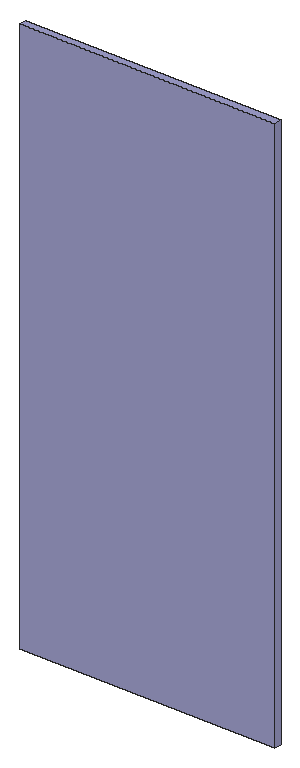
Revit family "EXP_WT-3_CPan-002", category Curtain Panels, Revit 2021
Family settings
  OmniClass Number = 23.25.20.14.11.11.17
  OmniClass Title = Infill Panels
  Always vertical = Yes
  Cut with Voids When Loaded = No
  Shared = No
Parameters
  UI-UnitNumber [instance] = "001"
  UI-Quadrant [instance] = "SE"
  UI-ProjectAbbreviation = "NEU"
  UI-ItemCategory = "PID"
  UI-FloorNumber [instance] = "03"
  PNT-WallType = "WT3"
  PNT-ProjectAbbreviation = "NEU"
  PNT-PanelType [instance] = "01"
  PNT-ItemCategory = "PNL"
  GlassSPH [instance] = 0' - 2 3/8"
  GlassH1 = IG-9F(Glass)
  Define Thermal Properties by = Schematic Type
  CellSp = 0' - 11"
  CellL [instance] = 7' - 4"
  CellH1 [instance] = CellH  # 15' - 11 1/2"
  CellH [instance] = 15' - 11 1/2"
  CellAngle = 85.91°
  Analytic Construction = "<None>"
Reference planes (in)
  plane 1 "Center (Front/Back)": y = 0
  plane 2: z = 0
  plane 3 "Center (Left/Right)": x = 0
  plane 4 "Left": x = -44
  plane 5 "Right": x = 44
  plane 6 "Top": z = 191.5
  plane 7: y = -11
Forms (in)
  Extrusion 1, solid, material "IG-9F(Glass)" <- "GlassH1", detail levels coarse+medium
    sketch origin (0, 0, 0) x (1, 0, 0) y (0, 1, 0)
      loop
        line (44, 0) -> (-44, 0) -> (-43.21344, -11) -> (43.21344, -11) -> (44, 0)
    from 0 to 191.5
Lines and regions (in)
  reference lines
    curve 1: line (-44, 0, 0) -> (-41.71765, -31.9185, 0)
    curve 2: line (44, 0, 0) -> (41.8603, -29.9236, 0)
Text (in)
  text "Exterior" at (-92.59733, 55.75508, 0), in view "Ref. Level"
  text "Exterior" at (0, 90.18664, 173.49264), in view "Left"
  text "Exterior" at (0, 52.29083, 162.21847), in view "Right"
Dimensions and locks (in)
  equal spacing: plane 4 "Left", plane 3 "Center (Left/Right)", plane 5 "Right"  (x2)
  "CellL": plane 4 "Left" to plane 5 "Right"
  "CellH": plane 2 to plane 6 "Top"
  "CellSp": plane 7 to plane 1 "Center (Front/Back)"
  plane 4 "Left" to nested 2 = 0' - 0.66983"
  "CellAngle": angle curve 1 to plane 1 "Center (Front/Back)"
  "CellAngle": angle plane 1 "Center (Front/Back)" to curve 2
  aligned and locked: level to plane 2
  aligned and locked: plane 1 "Center (Front/Back)" to nested 1
  aligned and locked: plane 5 "Right" to nested 1
  aligned and locked: Extrusion 1 sketch curve to plane 1 "Center (Front/Back)"
  aligned and locked: Extrusion 1 sketch curve to curve 1
  aligned and locked: Extrusion 1 sketch curve to plane 7
  aligned and locked: Extrusion 1 sketch curve to curve 2
  aligned and locked: Extrusion 1 to plane 6 "Top"
  aligned and locked: Extrusion 1 to plane 2
  aligned and locked: plane 1 "Center (Front/Back)" to nested 2
  aligned and locked: plane 5 "Right" to nested 2
  aligned and locked: plane 4 "Left" to nested 2
  aligned and locked: nested 2 to plane 6 "Top"
  aligned and locked: plane 2 to nested 2
Automatic sketch dimensions
  plane 1 "Center (Front/Back)" to curve 1 = 0' - 0"
  curve 1 to plane 4 "Left" = 0' - 0"
  plane 1 "Center (Front/Back)" to curve 2 = 0' - 0"
  curve 2 to plane 5 "Right" = 0' - 0"
Nested families (in)
  nested 1: "EXP_xx_DetO-002" at (0, 0, 0), CellH <- "CellH", CellL <- "CellL", type "EXP_xx_DetO-002", detail levels coarse
    with CellL 7' - 4", CellH 15' - 11 1/2"
  nested 2: "EXP_WT-1x_IG-005" at (0, 0, 95.75), MaterialGlass <- "GlassH1", GlassSP <- "GlassSPH", type "A = 85.91", detail levels fine
    with MaterialGlass IG-9F(Glass), GlassSP 0' - 2 3/8", GlassH 15' - 10 1/2", GMPI-ProjectAbbreviation "NEU", CellL 7' - 4", CellH 15' - 11 1/2", GlassL 7' - 2.66035", CellAngle 85.91°
Definition of nested family "EXP_WT-1x_IG-005"
  Parameters (values of type "A = 79.28_ H _ GlassSP = 2 3/8"")
    MaterialGlass [instance] = none
    GlassSP [instance] = 0' - 2 3/8"
    GlassL [instance] = 3' - 10.91966"
    GlassH [instance] = CellH - (GlassD2 + GlassD4)  # 6' - 7.58489"
    GlassD4 = 0' - 0 1/2"
    GlassD3 = 0' - 0 1/2"
    GlassD2 = 0' - 0 1/2"
    GlassD1 = 0' - 0 1/2"
    GMPI-ProjectAbbreviation [instance] = "NEU"
    GMPI-IteamCategory = "GLS"
    Default Elevation = 0' - 0"
    CellL [instance] = 4' - 0.8189"
    CellH [instance] = 6' - 8.58489"
    CellAngle = 79.28°
  Types (2): name | GlassL | CellAngle
    A = 85.91_ H _ GlassSP = 2 3/8" | 3' - 11.47925" | 85.91°
    A = 79.28_ H _ GlassSP = 2 3/8" | 3' - 10.91966" | 79.28°
  Reference planes (in)
    plane 1 "Center (Front/Back)": y = 0
    plane 2: z = 0
    plane 3 "Center (Left/Right)": x = 0
    plane 4: x = -24.40945
    plane 5: x = 24.40945
    plane 6: z = 40.29245
    plane 7: z = -40.29245
    plane 8: z = 39.79245
    plane 9: z = -39.79245
    plane 10: y = -2.375
  Forms (in)
    Extrusion 1, solid, material <- "MaterialGlass"
      sketch origin (0, 0, 0) x (1, 0, 0) y (0, 1, 0)
        loop
          line (-23.45983, 0) -> (-23.45983, -2.375) -> (23.45983, -2.375) -> (23.45983, 0) -> (-23.45983, 0)
      from -39.79245 to 39.79245
  Lines and regions (in)
    reference lines
      curve 1: line (-24.40945, 0, 0) -> (-22.06602, -12.37856, 0)
      curve 2: line (24.40945, 0, 0) -> (21.91956, -13.15222, 0)
      curve 3: line (-23.95983, -2.375, 0) -> (-23.95983, 1.56201, 0)
      curve 4: line (23.95983, -2.375, 0) -> (23.95983, 1.16831, 0)
      curve 5: line (-23.45983, -2.375, 0) -> (-23.45983, 1.56201, 0)
      curve 6: line (23.45983, -2.375, 0) -> (23.45983, 1.16831, 0)
  Dimensions and locks (in)
    equal spacing: plane 6, level, plane 7
    "CellH": plane 6 to plane 7
    "GlassD2": plane 6 to plane 8
    "GlassD4": plane 9 to plane 7
    equal spacing: plane 4, plane 3 "Center (Left/Right)", plane 5
    "CellL": plane 4 to plane 5
    "GlassSP": plane 10 to plane 1 "Center (Front/Back)"
    "GlassD1": curve 3 to curve 5
    "GlassD3": curve 6 to curve 4
    "GlassL": Extrusion 1 to Extrusion 1
    "CellAngle": angle curve 1 to plane 1 "Center (Front/Back)"
    "CellAngle": angle plane 1 "Center (Front/Back)" to curve 2
    locked: plane 10 to curve 3 (angle 90.00°)
    locked: curve 4 to plane 10 (angle 90.00°)
    aligned and locked: level to plane 2
    aligned and locked: plane 1 "Center (Front/Back)" to Extrusion 1 sketch curve
    aligned and locked: Extrusion 1 sketch curve to curve 5
    aligned and locked: plane 10 to Extrusion 1 sketch curve
    aligned and locked: Extrusion 1 sketch curve to curve 6
    aligned and locked: plane 8 to Extrusion 1
    aligned and locked: Extrusion 1 to plane 9
  Automatic sketch dimensions
    plane 1 "Center (Front/Back)" to curve 1 = 0' - 0"
    curve 1 to plane 4 = 0' - 0"
    curve 3 to plane 10 = 0' - 0"
    curve 6 to plane 10 = 0' - 0"
    curve 4 to plane 10 = 0' - 0"
    plane 1 "Center (Front/Back)" to curve 2 = 0' - 0"
    curve 2 to plane 5 = 0' - 0"
    curve 5 to plane 10 = 0' - 0"
    curve 6 to curve 4 = 0' - 0"
    curve 3 to curve 5 = 0' - 0"
Definition of nested family "EXP_xx_DetO-002"
  Parameters (values of type "EXP_xx_DetO-002")
    Default Elevation = 0' - 0"
    CellL [instance] = 5' - 4.56693"
    CellH [instance] = 5' - 2.99213"
  Reference planes (in)
    plane 1 "Center (Front/Back)": y = 0
    plane 2: z = 0
    plane 3 "Center (Left/Right)": x = 0
    plane 4: x = -32.28346
    plane 5: x = 32.28346
    plane 6: z = 62.99213
  Lines and regions (in)
    model lines
      curve 1: line (-32.28346, 0, 62.99213) -> (32.28346, 0, 0)
      curve 2: line (32.28346, 0, 62.99213) -> (-32.28346, 0, 0)
  Dimensions and locks (in)
    "CellH": plane 6 to level
    equal spacing: plane 4, plane 3 "Center (Left/Right)", plane 5
    "CellL": plane 4 to plane 5
    aligned and locked: level to plane 2
  Automatic sketch dimensions
    curve 2 to level = 0' - 0"
    plane 4 to curve 2 = 0' - 0"
    plane 4 to curve 1 = 0' - 0"
    plane 5 to curve 2 = 0' - 0"
    curve 1 to level = 0' - 0"
    plane 5 to curve 1 = 0' - 0"
    curve 2 to plane 6 = 0' - 0"
    curve 1 to plane 6 = 0' - 0"
